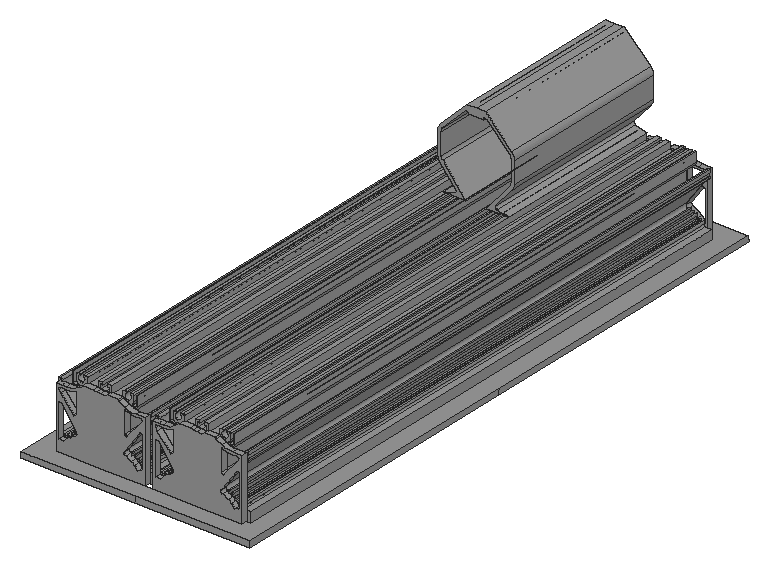
Revit family "L-street 48 Standart", category Осветительные приборы, Revit 2017 (continued)
Types (5, lengths in mm): name | built-in parameter 1150134 | Файл фотометрической сетки | built-in parameter 1150105 | Lumens | built-in parameter 1150106 | built-in parameter 1150142 | Wattage | built-in parameter 1150107 | Артикул
  L-street 48 Standart 4.0K Ш8 | 12 | "L-street 48-65-LLI8-4.0K-01 Standart.ies" | 672.51 (stored number, unit not read) | 8451 lm | 6.7251 (stored number, unit not read) | "IESNA:LM-63-1995\r\n[TEST]LEDEL\r\n[DATA]28.11.2018\r\n[MANUFAC]LEDEL\r\n[LUMCAT]L-street 48/65/Ш8/4.0К/01 Standart\r\n[LUMINAIRE]Для освещения городских улиц, придомовых территорий, парков и пр\r\n[LAMPCAT]LED\r\n[LAMP]OSRAM OSLON SQUARE\r\nTILT=NONE\r\n\r\n1 8451 1 73 145 1 2 0.533 0.164 0.148\r\n1 1 65\r\n0 2.5 5 7.5 10 12.5 15 17.5 20 22.5 25 27.5 30 32.5 35 37.5 40 42.5 45 47.5 50 52.5 55 57.5 60 62.5 65 67.5 70 72.5 75 77.5 80 82.5\r\n 85 87.5 90 92.5 95 97.5 100 102.5 105 107.5 110 112.5 115 117.5 120 122.5 125 127.5 130 132.5 135 137.5 140 142.5 145 147.5 150 \r\n152.5 155 157.5 160 162.5 165 167.5 170 172.5 175 177.5 180\r\n0 2.5 5 7.5 10 12.5 15 17.5 20 22.5 25 27.5 30 32.5 35 37.5 40 42.5 45 47.5 50 52.5 55 57.5 60 62.5 65 67.5 70 72.5 75 77.5 80 82.5\r\n 85 87.5 90 92.5 95 97.5 100 102.5 105 107.5 110 112.5 115 117.5 120 122.5 125 127.5 130 132.5 135 137.5 140 142.5 145 147.5 150 \r\n152.5 155 157.5 160 162.5 165 167.5 170 172.5 175 177.5 180 182.5 185 187.5 190 192.5 195 197.5 200 202.5 205 207.5 210 212.5 215 \r\n217.5 220 222.5 225 227.5 230 232.5 235 237.5 240 242.5 245 247.5 250 252.5 255 257.5 260 262.5 265 267.5 270 272.5 275 277.5 280 \r\n282.5 285 287.5 290 292.5 295 297.5 300 302.5 305 307.5 310 312.5 315 317.5 320 322.5 325 327.5 330 332.5 335 337.5 340 342.5 345 \r\n347.5 350 352.5 355 357.5 360\r\n2431.019 2502.573 2502.573 2510.50 2532.015 2560.325 2589.767 2621.474 2654.313 2686.02 2718.859 2747.168 2769.816 2787.934 \r\n2791.331 2789.067 2786.802 2785.669 2780.008 2768.684 2752.83 2736.977 2712.064 2674.696 2627.135 2569.384 2439.159 2173.049 \r\n1712.168 796.067 243.463 109.841 121.165 138.151 137.019 126.827 101.915 0.00 0.00 0.00 0.00 0.00 0.00 0.00 0.00 0.00 0.00 0.00 \r\n0.00 0.00 0.00 0.00 0.00 0.00 0.00 0.00 0.00 0.00 0.00 0.00 0.00 0.00 0.00 0.00 0.00 0.00 0.00 0.00 0.00 0.00 0.00 0.00 0.00\r\n2431.019 2506.537 2516.162 2530.883 2554.097 2582.407 2612.981 2643.556 2672.997 2699.042 2724.521 2744.337 2755.661 2764.72 \r\n2765.287 2763.022 2761.89 2761.889 2757.36 2748.301 2731.315 2710.366 2686.02 2650.35 2576.178 2409.718 2072.266 1558.73 999.897 \r\n471.073 182.881 109.275 107.011 108.143 98.518 83.231 67.377 0.00 0.00 0.00 0.00 0.00 0.00 0.00 0.00 0.00 0.00 0.00 0.00 0.00 0.00 \r\n0.00 0.00 0.00 0.00 0.00 0.00 0.00 0.00 0.00 0.00 0.00 0.00 0.00 0.00 0.00 0.00 0.00 0.00 0.00 0.00 0.00 0.00\r\n2431.019 2510.50 2529.75 2551.266 2576.178 2604.488 2636.195 2665.637 2691.681 2712.064 2730.183 2741.506 2741.506 2741.506 \r\n2739.242 2736.977 2736.977 2738.109 2734.712 2727.918 2709.80 2683.755 2659.975 2626.003 2525.221 2250.051 1705.373 944.41 287.626 \r\n146.078 122.298 108.709 92.856 78.135 60.016 39.634 32.839 0.00 0.00 0.00 0.00 0.00 0.00 0.00 0.00 0.00 0.00 0.00 0.00 0.00 0.00 \r\n0.00 0.00 0.00 0.00 0.00 0.00 0.00 0.00 0.00 0.00 0.00 0.00 0.00 0.00 0.00 0.00 0.00 0.00 0.00 0.00 0.00 0.00\r\n2431.019 2503.14 2517.86 2535.979 2556.928 2580.708 2607.885 2631.665 2652.614 2668.468 2682.057 2688.284 2684.887 2682.622 \r\n2678.659 2675.828 2675.828 2677.527 2679.792 2677.527 2665.637 2650.35 2642.423 2626.569 2538.81 2257.978 1688.954 906.475 266.677 \r\n142.681 120.033 105.312 91.157 75.304 56.619 37.935 32.839 0.00 0.00 0.00 0.00 0.00 0.00 0.00 0.00 0.00 0.00 0.00 0.00 0.00 0.00 \r\n0.00 0.00 0.00 0.00 0.00 0.00 0.00 0.00 0.00 0.00 0.00 0.00 0.00 0.00 0.00 0.00 0.00 0.00 0.00 0.00 0.00 0.00\r\n2431.019 2495.779 2505.97 2520.691 2537.677 2556.928 2579.575 2597.693 2613.547 2624.871 2633.93 2635.062 2628.268 2623.738 \r\n2618.076 2614.679 2614.679 2616.944 2624.871 2627.135 2621.474 2616.944 2624.871 2627.135 2552.398 2265.904 1672.534 868.54 245.728\r\n 139.283 117.768 101.915 89.458 72.473 53.222 36.236 32.839 0.00 0.00 0.00 0.00 0.00 0.00 0.00 0.00 0.00 0.00 0.00 0.00 0.00 0.00 \r\n0.00 0.00 0.00 0.00 0.00 0.00 0.00 0.00 0.00 0.00 0.00 0.00 0.00 0.00 0.00 0.00 0.00 0.00 0.00 0.00 0.00 0.00\r\n2431.019 2486.154 2493.514 2503.706 2515.596 2530.883 2548.435 2560.891 2571.649 2579.009 2583.539 2581.274 2571.083 2562.023 \r\n2552.398 2547.302 2547.869 2554.097 2567.119 2575.046 2579.576 2587.502 2606.753 2607.319 2508.235 2179.277 1553.634 770.589 \r\n222.514 133.622 113.239 97.952 85.495 69.642 51.524 35.67 32.273 0.00 0.00 0.00 0.00 0.00 0.00 0.00 0.00 0.00 0.00 0.00 0.00 0.00 \r\n0.00 0.00 0.00 0.00 0.00 0.00 0.00 0.00 0.00 0.00 0.00 0.00 0.00 0.00 0.00 0.00 0.00 0.00 0.00 0.00 0.00 0.00 0.00\r\n2431.019 2476.528 2481.058 2486.72 2493.514 2504.838 2517.294 2524.088 2529.75 2533.147 2533.147 2527.485 2513.897 2500.308 2486.72\r\n 2479.925 2481.058 2491.249 2509.367 2522.956 2537.677 2558.06 2588.634 2587.502 2464.072 2092.649 1434.733 672.637 199.30 127.96 \r\n108.709 93.988 81.532 66.811 49.825 35.104 31.707 0.00 0.00 0.00 0.00 0.00 0.00 0.00 0.00 0.00 0.00 0.00 0.00 0.00 0.00 0.00 0.00 \r\n0.00 0.00 0.00 0.00 0.00 0.00 0.00 0.00 0.00 0.00 0.00 0.00 0.00 0.00 0.00 0.00 0.00 0.00 0.00 0.00\r\n2431.019 2469.734 2469.168 2471.433 2473.697 2480.492 2487.286 2488.984 2488.418 2487.286 2482.756 2473.131 2455.013 2435.196 \r\n2417.645 2409.151 2410.284 2421.608 2440.292 2459.543 2478.227 2496.911 2510.50 2478.793 2308.935 1899.578 1255.25 583.745 190.241 \r\n123.431 103.614 89.459 77.569 64.546 49.259 35.104 31.707 0.00 0.00 0.00 0.00 0.00 0.00 0.00 0.00 0.00 0.00 0.00 0.00 0.00 0.00 \r\n0.00 0.00 0.00 0.00 0.00 0.00 0.00 0.00 0.00 0.00 0.00 0.00 0.00 0.00 0.00 0.00 0.00 0.00 0.00 0.00 0.00 0.00\r\n2431.019 2462.939 2457.278 2456.145 2453.88 2456.145 2457.278 2453.88 2447.086 2441.424 2432.365 2418.776 2396.129 2370.084 \r\n2348.569 2338.377 2339.509 2351.966 2371.216 2396.129 2418.776 2435.762 2432.365 2370.084 2153.798 1706.506 1075.767 494.853 \r\n181.182 118.901 98.518 84.929 73.605 62.281 48.693 35.104 31.707 0.00 0.00 0.00 0.00 0.00 0.00 0.00 0.00 0.00 0.00 0.00 0.00 0.00 \r\n0.00 0.00 0.00 0.00 0.00 0.00 0.00 0.00 0.00 0.00 0.00 0.00 0.00 0.00 0.00 0.00 0.00 0.00 0.00 0.00 0.00 0.00 0.00\r\n2431.019 2454.447 2445.388 2440.858 2434.63 2431.233 2427.27 2419.909 2408.019 2396.695 2383.673 2364.988 2337.245 2307.803 \r\n2283.457 2268.169 2264.206 2270.434 2282.89 2295.913 2302.141 2293.082 2250.617 2141.342 1901.276 1484.558 927.991 438.80 182.881 \r\n117.202 95.121 82.098 71.341 60.583 45.862 33.972 31.707 0.00 0.00 0.00 0.00 0.00 0.00 0.00 0.00 0.00 0.00 0.00 0.00 0.00 0.00 0.00\r\n 0.00 0.00 0.00 0.00 0.00 0.00 0.00 0.00 0.00 0.00 0.00 0.00 0.00 0.00 0.00 0.00 0.00 0.00 0.00 0.00 0.00\r\n2431.019 2445.954 2433.497 2425.571 2415.379 2406.32 2397.261 2385.937 2368.951 2351.966 2334.98 2311.20 2278.361 2245.521 2218.344\r\n 2197.961 2188.902 2188.902 2194.564 2195.696 2185.505 2150.401 2068.869 1912.60 1648.754 1262.61 780.214 382.746 184.579 115.503 \r\n91.723 79.267 69.076 58.884 43.031 32.839 31.707 0.00 0.00 0.00 0.00 0.00 0.00 0.00 0.00 0.00 0.00 0.00 0.00 0.00 0.00 0.00 0.00 \r\n0.00 0.00 0.00 0.00 0.00 0.00 0.00 0.00 0.00 0.00 0.00 0.00 0.00 0.00 0.00 0.00 0.00 0.00 0.00 0.00\r\n2431.019 2436.329 2421.041 2408.019 2392.732 2379.143 2364.988 2349.135 2328.752 2306.671 2282.324 2252.882 2217.778 2179.843 \r\n2148.136 2121.525 2102.275 2086.988 2069.436 2039.427 1986.771 1897.879 1761.993 1574.017 1318.664 988.007 614.886 319.333 167.027 \r\n107.011 86.628 74.172 64.546 53.789 40.766 32.273 30.575 0.00 0.00 0.00 0.00 0.00 0.00 0.00 0.00 0.00 0.00 0.00 0.00 0.00 0.00 0.00\r\n 0.00 0.00 0.00 0.00 0.00 0.00 0.00 0.00 0.00 0.00 0.00 0.00 0.00 0.00 0.00 0.00 0.00 0.00 0.00 0.00 0.00\r\n2431.019 2426.703 2408.585 2390.467 2370.084 2351.966 2332.715 2312.332 2288.552 2261.375 2229.668 2194.564 2157.195 2114.165 \r\n2077.928 2045.089 2015.647 1985.073 1944.307 1883.158 1788.037 1645.357 1455.116 1235.433 988.573 713.403 449.557 255.919 149.475 \r\n98.518 81.532 69.076 60.016 48.693 38.501 31.707 29.442 0.00 0.00 0.00 0.00 0.00 0.00 0.00 0.00 0.00 0.00 0.00 0.00 0.00 0.00 0.00 \r\n0.00 0.00 0.00 0.00 0.00 0.00 0.00 0.00 0.00 0.00 0.00 0.00 0.00 0.00 0.00 0.00 0.00 0.00 0.00 0.00 0.00\r\n2431.019 2418.777 2397.261 2375.746 2350.267 2326.487 2303.273 2278.361 2251.184 2219.477 2183.24 2144.739 2105.106 2058.678 \r\n2012.816 1967.521 1921.093 1870.702 1805.024 1712.168 1582.509 1418.88 1236.566 1043.494 839.664 634.703 433.138 253.088 144.379 \r\n96.253 78.701 66.245 56.619 46.994 36.803 30.575 28.876 0.00 0.00 0.00 0.00 0.00 0.00 0.00 0.00 0.00 0.00 0.00 0.00 0.00 0.00 0.00 \r\n0.00 0.00 0.00 0.00 0.00 0.00 0.00 0.00 0.00 0.00 0.00 0.00 0.00 0.00 0.00 0.00 0.00 0.00 0.00 0.00 0.00\r\n2431.019 2410.85 2385.937 2361.025 2330.45 2301.008 2273.831 2244.389 2213.815 2177.578 2136.812 2094.914 2053.016 2003.191 \r\n1947.704 1889.952 1826.539 1756.331 1665.74 1541.177 1376.981 1192.402 1018.015 851.554 690.755 556.002 416.718 250.257 139.283 \r\n93.988 75.87 63.414 53.222 45.295 35.104 29.442 28.31 0.00 0.00 0.00 0.00 0.00 0.00 0.00 0.00 0.00 0.00 0.00 0.00 0.00 0.00 0.00 \r\n0.00 0.00 0.00 0.00 0.00 0.00 0.00 0.00 0.00 0.00 0.00 0.00 0.00 0.00 0.00 0.00 0.00 0.00 0.00 0.00 0.00\r\n2431.019 2403.49 2375.746 2346.304 2312.332 2279.493 2248.919 2216.646 2182.108 2143.041 2100.576 2055.847 2009.985 1954.499 \r\n1891.085 1822.009 1748.404 1662.909 1552.502 1406.423 1232.602 1058.781 897.416 746.809 618.849 527.692 418.983 261.015 139.283 \r\n93.422 74.172 61.715 52.656 44.163 35.104 29.442 27.178 0.00 0.00 0.00 0.00 0.00 0.00 0.00 0.00 0.00 0.00 0.00 0.00 0.00 0.00 0.00 \r\n0.00 0.00 0.00 0.00 0.00 0.00 0.00 0.00 0.00 0.00 0.00 0.00 0.00 0.00 0.00 0.00 0.00 0.00 0.00 0.00 0.00\r\n2431.019 2396.129 2365.554 2331.583 2294.214 2257.978 2224.006 2188.902 2150.401 2108.503 2064.34 2016.779 1966.954 1905.806 \r\n1834.465 1754.066 1670.269 1569.487 1439.263 1271.669 1088.223 925.159 776.817 642.063 546.942 499.382 421.248 271.773 139.283 \r\n92.856 72.473 60.016 52.09 43.031 35.104 29.442 26.045 0.00 0.00 0.00 0.00 0.00 0.00 0.00 0.00 0.00 0.00 0.00 0.00 0.00 0.00 0.00 \r\n0.00 0.00 0.00 0.00 0.00 0.00 0.00 0.00 0.00 0.00 0.00 0.00 0.00 0.00 0.00 0.00 0.00 0.00 0.00 0.00 0.00\r\n2431.019 2390.467 2355.363 2317.994 2276.662 2236.463 2198.528 2161.159 2119.827 2076.23 2029.802 1978.845 1923.924 1855.981 \r\n1775.015 1685.557 1593.267 1480.595 1332.253 1157.865 986.875 836.833 698.116 576.951 504.478 475.036 413.321 285.362 154.571 \r\n94.555 71.907 59.45 50.958 42.465 33.972 27.744 26.045 0.00 0.00 0.00 0.00 0.00 0.00 0.00 0.00 0.00 0.00 0.00 0.00 0.00 0.00 0.00 \r\n0.00 0.00 0.00 0.00 0.00 0.00 0.00 0.00 0.00 0.00 0.00 0.00 0.00 0.00 0.00 0.00 0.00 0.00 0.00 0.00 0.00\r\n2431.019 2384.805 2345.171 2304.405 2259.11 2214.947 2173.049 2133.415 2089.252 2043.957 1995.264 1940.91 1880.893 1806.156 \r\n1715.565 1617.047 1516.265 1391.702 1225.242 1044.06 885.526 748.507 619.415 511.838 462.013 450.69 405.394 298.95 169.858 96.253 \r\n71.34 58.884 49.825 41.898 32.839 26.045 26.045 0.00 0.00 0.00 0.00 0.00 0.00 0.00 0.00 0.00 0.00 0.00 0.00 0.00 0.00 0.00 0.00 \r\n0.00 0.00 0.00 0.00 0.00 0.00 0.00 0.00 0.00 0.00 0.00 0.00 0.00 0.00 0.00 0.00 0.00 0.00 0.00 0.00\r\n2431.019 2375.18 2331.017 2285.721 2238.161 2191.733 2148.137 2105.106 2058.112 2010.552 1958.462 1899.578 1831.635 1750.103 \r\n1653.85 1546.839 1430.204 1284.692 1112.57 944.41 798.899 669.806 553.171 467.675 429.74 413.321 364.628 274.038 168.16 96.819 \r\n68.509 55.487 46.428 38.501 31.707 26.045 25.479 0.00 0.00 0.00 0.00 0.00 0.00 0.00 0.00 0.00 0.00 0.00 0.00 0.00 0.00 0.00 0.00 \r\n0.00 0.00 0.00 0.00 0.00 0.00 0.00 0.00 0.00 0.00 0.00 0.00 0.00 0.00 0.00 0.00 0.00 0.00 0.00 0.00\r\n2431.019 2365.554 2316.862 2267.037 2217.212 2168.519 2123.224 2076.796 2026.971 1977.146 1921.659 1858.245 1782.376 1694.049 \r\n1592.135 1476.631 1344.142 1177.681 999.897 844.76 712.271 591.105 486.926 423.512 397.467 375.952 323.862 249.125 166.461 97.385 \r\n65.678 52.09 43.031 35.104 30.574 26.045 24.912 0.00 0.00 0.00 0.00 0.00 0.00 0.00 0.00 0.00 0.00 0.00 0.00 0.00 0.00 0.00 0.00 \r\n0.00 0.00 0.00 0.00 0.00 0.00 0.00 0.00 0.00 0.00 0.00 0.00 0.00 0.00 0.00 0.00 0.00 0.00 0.00 0.00\r\n2431.019 2357.062 2304.406 2252.316 2199.66 2150.401 2102.841 2055.281 2004.323 1952.80 1893.916 1824.84 1743.309 1649.886 1544.009\r\n 1422.843 1276.765 1105.209 935.917 790.406 663.012 548.075 452.955 397.468 371.423 345.944 296.685 232.139 162.498 100.783 66.811 \r\n50.392 41.333 33.972 30.008 25.479 24.912 0.00 0.00 0.00 0.00 0.00 0.00 0.00 0.00 0.00 0.00 0.00 0.00 0.00 0.00 0.00 0.00 0.00 0.00\r\n 0.00 0.00 0.00 0.00 0.00 0.00 0.00 0.00 0.00 0.00 0.00 0.00 0.00 0.00 0.00 0.00 0.00 0.00\r\n2431.019 2348.569 2291.949 2237.595 2182.108 2132.283 2082.458 2033.765 1981.675 1928.453 1866.172 1791.435 1704.241 1605.723 \r\n1495.882 1369.055 1209.388 1032.736 871.937 736.051 613.753 505.044 418.983 371.423 345.378 315.936 269.508 215.153 158.534 104.18 \r\n67.943 48.693 39.634 32.839 29.442 24.912 24.912 0.00 0.00 0.00 0.00 0.00 0.00 0.00 0.00 0.00 0.00 0.00 0.00 0.00 0.00 0.00 0.00 \r\n0.00 0.00 0.00 0.00 0.00 0.00 0.00 0.00 0.00 0.00 0.00 0.00 0.00 0.00 0.00 0.00 0.00 0.00 0.00 0.00\r\n2431.019 2343.473 2283.456 2225.705 2168.519 2116.996 2066.605 2016.213 1962.991 1906.372 1841.26 1762.559 1671.968 1571.752 \r\n1457.381 1316.965 1149.372 978.948 828.907 698.682 580.348 477.301 398.034 353.871 324.995 292.722 250.258 201.565 152.872 104.18 \r\n69.076 48.693 37.935 32.273 27.744 24.912 24.912 0.00 0.00 0.00 0.00 0.00 0.00 0.00 0.00 0.00 0.00 0.00 0.00 0.00 0.00 0.00 0.00 \r\n0.00 0.00 0.00 0.00 0.00 0.00 0.00 0.00 0.00 0.00 0.00 0.00 0.00 0.00 0.00 0.00 0.00 0.00 0.00 0.00\r\n2431.019 2338.377 2274.963 2213.815 2154.93 2101.708 2050.751 1998.661 1944.307 1884.29 1816.347 1733.683 1639.695 1537.78 1418.88 \r\n1264.875 1089.355 925.159 785.876 661.313 546.942 449.557 377.085 336.319 304.612 269.508 231.007 187.976 147.21 104.18 70.208 \r\n48.693 36.236 31.707 26.045 24.912 24.912 0.00 0.00 0.00 0.00 0.00 0.00 0.00 0.00 0.00 0.00 0.00 0.00 0.00 0.00 0.00 0.00 0.00 0.00\r\n 0.00 0.00 0.00 0.00 0.00 0.00 0.00 0.00 0.00 0.00 0.00 0.00 0.00 0.00 0.00 0.00 0.00 0.00\r\n2431.019 2337.811 2271.566 2208.719 2148.136 2093.216 2042.258 1989.602 1934.682 1874.099 1804.457 1720.095 1626.673 1530.42 \r\n1412.086 1249.022 1068.972 909.306 775.119 654.519 542.979 443.329 372.555 334.054 302.914 267.243 229.309 190.241 152.306 111.541 \r\n77.003 53.789 39.067 32.273 27.178 24.912 24.912 0.00 0.00 0.00 0.00 0.00 0.00 0.00 0.00 0.00 0.00 0.00 0.00 0.00 0.00 0.00 0.00 \r\n0.00 0.00 0.00 0.00 0.00 0.00 0.00 0.00 0.00 0.00 0.00 0.00 0.00 0.00 0.00 0.00 0.00 0.00 0.00 0.00\r\n2431.019 2337.245 2268.169 2203.623 2141.342 2084.723 2033.765 1980.543 1925.056 1863.907 1792.567 1706.506 1613.65 1523.059 \r\n1405.291 1233.168 1048.589 893.453 764.361 647.725 539.016 437.101 368.025 331.789 301.215 264.978 227.61 192.506 157.402 118.901 \r\n83.797 58.884 41.898 32.839 28.31 24.912 24.912 0.00 0.00 0.00 0.00 0.00 0.00 0.00 0.00 0.00 0.00 0.00 0.00 0.00 0.00 0.00 0.00 \r\n0.00 0.00 0.00 0.00 0.00 0.00 0.00 0.00 0.00 0.00 0.00 0.00 0.00 0.00 0.00 0.00 0.00 0.00 0.00 0.00\r\n2431.019 2320.825 2251.75 2184.939 2122.658 2067.737 2015.081 1960.16 1901.842 1837.296 1763.691 1678.763 1588.738 1492.485 \r\n1355.466 1173.152 995.367 848.724 724.161 609.224 504.478 412.755 353.871 320.465 286.494 249.125 210.058 172.123 137.019 103.614 \r\n75.87 54.921 39.067 31.141 26.611 23.78 23.78 0.00 0.00 0.00 0.00 0.00 0.00 0.00 0.00 0.00 0.00 0.00 0.00 0.00 0.00 0.00 0.00 0.00 \r\n0.00 0.00 0.00 0.00 0.00 0.00 0.00 0.00 0.00 0.00 0.00 0.00 0.00 0.00 0.00 0.00 0.00 0.00 0.00\r\n2431.019 2304.405 2235.33 2166.254 2103.973 2050.751 1996.396 1939.777 1878.628 1810.685 1734.815 1651.019 1563.825 1461.91 \r\n1305.641 1113.135 942.145 803.994 683.961 570.723 469.94 388.408 339.716 309.141 271.773 233.272 192.506 151.74 116.636 88.326 \r\n67.943 50.957 36.236 29.442 24.912 22.648 22.648 0.00 0.00 0.00 0.00 0.00 0.00 0.00 0.00 0.00 0.00 0.00 0.00 0.00 0.00 0.00 0.00 \r\n0.00 0.00 0.00 0.00 0.00 0.00 0.00 0.00 0.00 0.00 0.00 0.00 0.00 0.00 0.00 0.0
